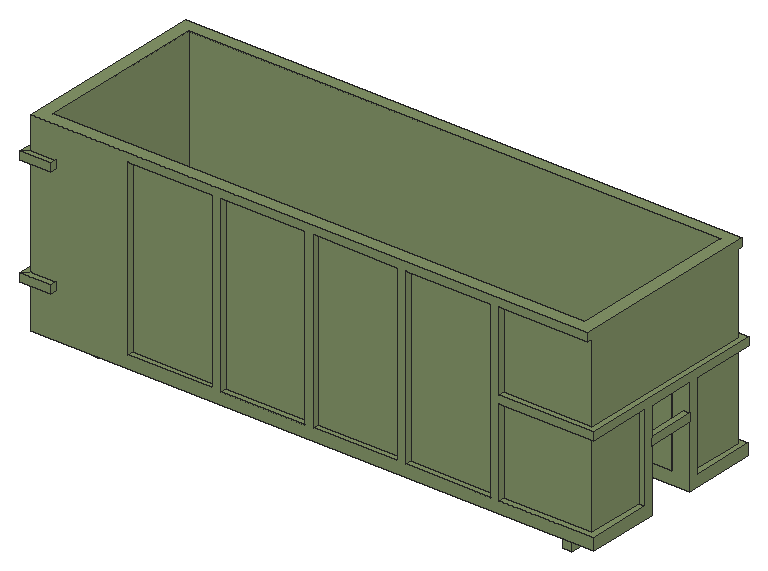
Revit family
Parameters (values of type "Waste Container")
  Assembly Code = ""
Reference planes
  plane 1 "Center (Front/Back)": y = 0
  plane 2: z = 0
  plane 3 "Center (Left/Right)": x = 0
  plane 4: z = 101.6
  plane 5: x = 7010.4
  plane 6: z = 2540
  plane 7: y = 2438.4
  plane 8: z = 254
  plane 9: z = 1397
  plane 10: x = 6248.4
  plane 11: y = 1676.4
  plane 12: y = 762
  plane 13: x = 5842
  plane 14: x = 4673.6
  plane 15: x = 3505.2
  plane 16: x = 2336.8
  plane 17: x = 1168.4
  plane 18: z = 1346.2
  plane 19: y = 1219.2
  plane 20: z = 1727.2
  plane 21: z = 914.4
  plane 22: y = 152.4
Forms (mm)
  Extrusion 1, solid, material "Metal - Painted Finish - Green, Dark"
    sketch origin (0, 0, 101.6) x (0, -1, 0) y (-1, 0, 0)
      loop
        line (-2438.4, 0) -> (-2438.4, -7086.6) -> (0, -7086.6) -> (0, 0) -> (-2438.4, 0)
    from 0 to -2438.4
  Extrusion 2, void
    sketch origin (0, 0, 2540) x (0, -1, 0) y (-1, 0, 0)
      loop
        line (-2286, -152.4) -> (-2286, -6858) -> (-152.4, -6858) -> (-152.4, -152.4) -> (-2286, -152.4)
    from 0 to 2286
  Extrusion 3, solid, material "Metal - Painted Finish - Green, Dark"
    sketch origin (0, 0, 254) x (1, 0, 0) y (0, -1, 0)
      loop
        line (6858, -1676.4) -> (6858, -762) -> (6248.4, -762) -> (6248.4, -1676.4) -> (6858, -1676.4)
    from 0 to -1193.8
  Extrusion 4, void
    sketch origin (0, 0, 101.6) x (-1, 0, 0) y (0, -1, 0)
      loop
        line (-7086.6, -1524) -> (-6400.8, -1524) -> (-6400.8, -914.4) -> (-7086.6, -914.4) -> (-7086.6, -1524)
    from 0 to 1244.6
  Extrusion 5, void
    sketch origin (0, 2438.4, 0) x (-1, 0, 0) y (0, 0, 1)
      loop
        line (-1219.2, 254) -> (-1219.2, 2438.4) -> (-2286, 2438.4) -> (-2286, 254) -> (-1219.2, 254)
      loop
        line (-3454.4, 254) -> (-2387.6, 254) -> (-2387.6, 2438.4) -> (-3454.4, 2438.4) -> (-3454.4, 254)
      loop
        line (-3556, 254) -> (-3556, 2438.4) -> (-4622.8, 2438.4) -> (-4622.8, 254) -> (-3556, 254)
      loop
        line (-5791.2, 254) -> (-4724.4, 254) -> (-4724.4, 2438.4) -> (-5791.2, 2438.4) -> (-5791.2, 254)
      loop
        line (-5892.8, 254) -> (-5892.8, 1346.2) -> (-7010.4, 1346.2) -> (-7010.4, 254) -> (-5892.8, 254)
      loop
        line (-5892.8, 2438.4) -> (-7010.4, 2438.4) -> (-7010.4, 1447.8) -> (-5892.8, 1447.8) -> (-5892.8, 2438.4)
    from 0 to -76.2
  Extrusion 6, void
    sketch origin (7010.4, 0, 0) x (0, 0, 1) y (0, -1, 0)
      loop
        line (2540, -2438.4) -> (2540, 0) -> (1447.8, 0) -> (1447.8, -2438.4) -> (2540, -2438.4)
      loop
        line (1346.2, -2438.4) -> (1346.2, -1625.6) -> (254, -1625.6) -> (254, -2438.4) -> (1346.2, -2438.4)
      loop
        line (1346.2, 0) -> (254, 0) -> (254, -812.8) -> (1346.2, -812.8) -> (1346.2, 0)
    from 0 to 304.8
  Extrusion 7, void
    sketch origin (0, 0, 0) x (-1, 0, 0) y (0, 0, -1)
      loop
        line (-1219.2, -254) -> (-2286, -254) -> (-2286, -2438.4) -> (-1219.2, -2438.4) -> (-1219.2, -254)
      loop
        line (-3454.4, -254) -> (-3454.4, -2438.4) -> (-2387.6, -2438.4) -> (-2387.6, -254) -> (-3454.4, -254)
      loop
        line (-3556, -254) -> (-4622.8, -254) -> (-4622.8, -2438.4) -> (-3556, -2438.4) -> (-3556, -254)
      loop
        line (-5791.2, -254) -> (-5791.2, -2438.4) -> (-4724.4, -2438.4) -> (-4724.4, -254) -> (-5791.2, -254)
      loop
        line (-5892.8, -254) -> (-7010.4, -254) -> (-7010.4, -1346.2) -> (-5892.8, -1346.2) -> (-5892.8, -254)
      loop
        line (-5892.8, -2438.4) -> (-5892.8, -1447.8) -> (-7010.4, -1447.8) -> (-7010.4, -2438.4) -> (-5892.8, -2438.4)
    from 0 to -76.2
  Extrusion 8, solid, material "Metal - Painted Finish - Green, Dark"
    sketch origin (7010.4, 0, 0) x (0, 0, -1) y (0, -1, 0)
      loop
        line (-990.6, -1524) -> (-889, -1524) -> (-889, -914.4) -> (-990.6, -914.4) -> (-990.6, -1524)
    from 0 to -76.2
  Sweep 9, solid, material "Metal - Painted Finish - Green, Dark"
    path origin (0, 0, 1727.2) x (1, 0, 0) y (0, 1, 0)
      loop
        line (0, 304.8) -> (0, 0) -> (304.8, 0)
    profile origin (0, 152.4, 1727.2) x (1, 0, 0) y (0, 0, 1)
      loop
        line (0, -1066.8) -> (0, -965.2) -> (-76.2, -965.2) -> (-76.2, -1066.8) -> (0, -1066.8)
      loop
        line (0, 406.4) -> (-76.2, 406.4) -> (-76.2, 304.8) -> (0, 304.8) -> (0, 406.4)
  Sweep 10, solid, material "Metal - Painted Finish - Green, Dark"
    path origin (0, 2438.4, 1727.2) x (1, 0, 0) y (0, 1, 0)
      loop
        line (0, -304.8) -> (0, 0) -> (304.8, 0)
    profile origin (0, 2286, 1727.2) x (-1, 0, 0) y (0, 0, 1)
      loop
        line (0, -1066.8) -> (76.2, -1066.8) -> (76.2, -965.2) -> (0, -965.2) -> (0, -1066.8)
      loop
        line (0, 406.4) -> (0, 304.8) -> (76.2, 304.8) -> (76.2, 406.4) -> (0, 406.4)
  Extrusion 11, solid, material "Metal - Painted Finish - Green, Dark"
    sketch origin (0, 152.4, 0) x (0, 0, -1) y (1, 0, 0)
      loop
        line (-102.407, 860.591) -> (-102.407, 590.732)
        arc (-102.407, 590.732) -> (1.096, 725.662) -> (-102.407, 860.591) r 139.7
    from 25.4 to -254
  Extrusion 12, solid, material "Metal - Painted Finish - Green, Dark"
    sketch origin (0, 2286, 0) x (0, 0, -1) y (-1, 0, 0)
      loop
        arc (-102.407, -860.591) -> (1.096, -725.662) -> (-102.407, -590.732) r 139.7
        line (-102.407, -590.732) -> (-102.407, -860.591)
    from 25.4 to -254
  Extrusion 13, solid, material "Metal - Painted Finish - Green, Dark"
    sketch origin (0, 152.4, 0) x (0, 0, -1) y (1, 0, 0)
      loop
        line (-101.6, 6817.985) -> (-101.6, 6696.508) -> (0, 6696.508) -> (0, 6817.985) -> (-101.6, 6817.985)
    from 0 to 152.4
  Extrusion 14, solid, material "Metal - Painted Finish - Green, Dark"
    sketch origin (0, 2286, 0) x (0, 0, -1) y (-1, 0, 0)
      loop
        line (-101.6, -6817.985) -> (0, -6817.985) -> (0, -6696.508) -> (-101.6, -6696.508) -> (-101.6, -6817.985)
    from 0 to 152.4
Cuts and joins
  Extrusion 2, Extrusion 4, Extrusion 5, Extrusion 6, Extrusion 7 cuts Extrusion 1
  Extrusion 4, Extrusion 5, Extrusion 6 cuts Extrusion 3
Dimensions and locks
  locked: plane 6 to plane 4 at 2438.4
  plane 17 to plane 3 "Center (Left/Right)" = 1168.4 mm
  equal spacing: plane 5, plane 13, plane 14, plane 15, plane 16, plane 17, plane 3 "Center (Left/Right)"
  Extrusion 6 sketch curve to cut or joined group of Extrusion 1, Extrusion 2, Extrusion 4, Extrusion 5, Extrusion 6, Extrusion 7 = 101.6 mm
  equal spacing: plane 1 "Center (Front/Back)", plane 19, plane 7
  equal spacing: plane 4, plane 21, plane 20, plane 6
  aligned and locked: Extrusion 1 to plane 6
  aligned and locked: plane 4 to Extrusion 1
  aligned and locked: Extrusion 2 to plane 6
